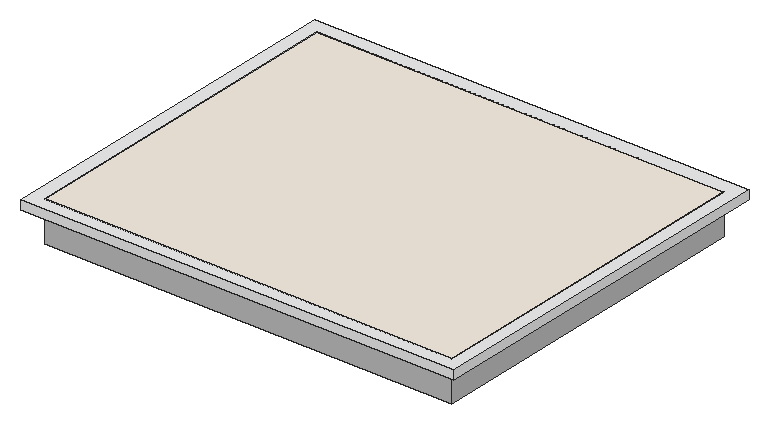
Revit family "Lighting-Industrial-GEWISS-ELIA-HL-LED_HIGHBAY", category Apparecchi per illuminazione, host Superficie, Revit 2019 (continued)
Types (12, lengths in mm): name | Weight (kg): | Weight (kg) | Voltage | Technical sheet | System power | Optic | built-in parameter 1150142 | Lumen output (lm) | Model | IDT | File diagramma fotometrico | Description
  GWF1000ML840 - ELIA HL M2 90° 4000K S.ALONE ON/OFF | "3,9" | "3,9" | "100-240 V " | "https://www.gewiss.com/ww/en/search?q=GWF1100VC877" | "120W" | "90°" | "IESNA:LM-63-1995\r\n[TEST] HB25-120-4080-90D-H00108\r\n[DATE] 27 Nov 2019\r\n[MANUFAC] GEWISS\r\n[LUMCAT] GWF1000ML840\r\n[LUMINAIRE] ELIA HL - M2 90° LED840 120W\r\n[FLASHAREA] 0.013851\r\n[LAMPCAT] LED 120W/16100lm\r\n[LAMP] LED 120W/16100lm\r\nTILT=NONE\r\n1 16100.00 1.0 181 37 1 2 -0.270 0.000 0.000\r\n1.00 1.00 120.00\r\n0.00 0.50 1.00 1.50 2.00 2.50 3.00 3.50 4.00 4.50 5.00 \r\n5.50 6.00 6.50 7.00 7.50 8.00 8.50 9.00 9.50 10.00 10.50 \r\n11.00 11.50 12.00 12.50 13.00 13.50 14.00 14.50 15.00 \r\n15.50 16.00 16.50 17.00 17.50 18.00 18.50 19.00 19.50 \r\n20.00 20.50 21.00 21.50 22.00 22.50 23.00 23.50 24.00 \r\n24.50 25.00 25.50 26.00 26.50 27.00 27.50 28.00 28.50 \r\n29.00 29.50 30.00 30.50 31.00 31.50 32.00 32.50 33.00 \r\n33.50 34.00 34.50 35.00 35.50 36.00 36.50 37.00 37.50 \r\n38.00 38.50 39.00 39.50 40.00 40.50 41.00 41.50 42.00 \r\n42.50 43.00 43.50 44.00 44.50 45.00 45.50 46.00 46.50 \r\n47.00 47.50 48.00 48.50 49.00 49.50 50.00 50.50 51.00 \r\n51.50 52.00 52.50 53.00 53.50 54.00 54.50 55.00 55.50 \r\n56.00 56.50 57.00 57.50 58.00 58.50 59.00 59.50 60.00 \r\n60.50 61.00 61.50 62.00 62.50 63.00 63.50 64.00 64.50 \r\n65.00 65.50 66.00 66.50 67.00 67.50 68.00 68.50 69.00 \r\n69.50 70.00 70.50 71.00 71.50 72.00 72.50 73.00 73.50 \r\n74.00 74.50 75.00 75.50 76.00 76.50 77.00 77.50 78.00 \r\n78.50 79.00 79.50 80.00 80.50 81.00 81.50 82.00 82.50 \r\n83.00 83.50 84.00 84.50 85.00 85.50 86.00 86.50 87.00 \r\n87.50 88.00 88.50 89.00 89.50 90.00 \r\n0.00 2.50 5.00 7.50 10.00 12.50 15.00 17.50 20.00 22.50 \r\n25.00 27.50 30.00 32.50 35.00 37.50 40.00 42.50 45.00 \r\n47.50 50.00 52.50 55.00 57.50 60.00 62.50 65.00 67.50 \r\n70.00 72.50 75.00 77.50 80.00 82.50 85.00 87.50 90.00 \r\n8062.88 8062.88 8064.49 8067.71 8069.32 8072.54 8077.37 \r\n8080.59 8085.42 8091.86 8099.91 8106.35 8114.40 8122.45 \r\n8130.50 8138.55 8146.60 8156.26 8165.92 8175.58 8185.24 \r\n8193.29 8202.95 8211.00 8220.66 8227.10 8235.15 8241.59 \r\n8248.03 8251.25 8256.08 8257.69 8257.69 8257.69 8256.08 \r\n8252.86 8246.42 8238.37 8228.71 8219.05 8206.17 8191.68 \r\n8173.97 8154.65 8132.11 8107.96 8082.20 8054.83 8024.24 \r\n7990.43 7955.01 7916.37 7874.51 7829.43 7781.13 7728.00 \r\n7670.04 7607.25 7538.02 7460.74 7380.24 7291.69 7199.92 \r\n7100.10 6998.67 6895.63 6787.76 6671.84 6544.65 6407.80 \r\n6258.07 6092.24 5919.97 5758.97 5597.97 5435.36 5274.36 \r\n5124.63 4978.12 4834.83 4691.54 4545.03 4400.13 4266.50 \r\n4139.31 4015.34 3894.59 3781.89 3670.80 3556.49 3442.18 \r\n3334.31 3229.66 3129.84 3031.63 2936.64 2844.87 2753.10 \r\n2662.94 2577.61 2495.50 2411.78 2331.28 2254.00 2179.94 \r\n2107.49 2036.65 1967.42 1896.58 1824.13 1751.68 1679.23 \r\n1609.20 1540.13 1473.63 1411.81 1352.24 1292.83 1236.48 \r\n1186.73 1140.85 1096.73 1055.03 1016.72 979.52 941.69 \r\n903.85 866.34 828.99 791.48 754.29 718.06 683.12 650.28 \r\n619.53 591.03 563.82 536.45 510.21 486.54 464.97 445.97 \r\n427.29 405.40 383.34 362.89 343.25 323.93 304.93 286.26 \r\n268.39 251.80 236.51 222.99 210.91 200.61 190.46 177.91 \r\n165.19 153.47 141.94 130.15 118.66 108.06 97.92 87.91 \r\n78.21 68.94 60.10 51.78 43.99 36.87 30.28 24.13 18.52 \r\n13.39 9.08 5.94 3.87 2.84 2.86 \r\n8062.88 8062.88 8064.49 8066.90 8069.32 8072.54 8077.37 \r\n8080.59 8085.42 8091.86 8099.91 8106.35 8114.40 8122.45 \r\n8130.50 8138.55 8147.40 8157.06 8166.72 8175.58 8185.24 \r\n8194.09 8203.75 8211.80 8220.66 8227.90 8235.95 8242.39 \r\n8248.03 8252.86 8256.08 8257.69 8259.30 8258.49 8256.88 \r\n8252.86 8248.03 8240.78 8231.12 8219.85 8206.97 8192.48 \r\n8174.77 8155.45 8133.72 8109.57 8083.81 8056.44 8025.85 \r\n7992.84 7957.42 7917.98 7876.12 7831.04 7781.93 7728.80 \r\n7671.65 7608.05 7539.63 7463.96 7382.65 7295.71 7203.14 \r\n7104.93 7002.69 6899.65 6790.17 6673.45 6547.06 6409.41 \r\n6261.29 6096.26 5926.41 5764.60 5604.41 5440.99 5279.99 \r\n5127.04 4978.92 4834.83 4692.34 4545.83 4403.35 4270.52 \r\n4144.14 4020.17 3900.22 3785.11 3670.80 3556.49 3442.99 \r\n3335.92 3232.08 3130.64 3033.24 2938.25 2846.48 2753.91 \r\n2665.36 2579.22 2495.50 2412.59 2332.89 2255.61 2180.74 \r\n2109.10 2038.26 1967.42 1898.19 1825.74 1752.49 1682.45 \r\n1611.61 1543.10 1476.77 1414.71 1355.30 1296.29 1240.51 \r\n1190.76 1144.71 1100.60 1059.06 1020.50 983.15 945.39 \r\n907.72 870.12 832.61 795.42 758.71 722.25 687.15 654.30 \r\n623.47 594.65 567.04 539.27 512.79 488.72 466.66 447.26 \r\n428.10 406.28 384.23 363.78 344.06 324.74 305.82 287.14 \r\n269.19 252.53 237.23 223.87 211.80 201.33 190.87 178.31 \r\n165.51 153.47 141.73 129.88 118.41 107.81 97.69 87.75 \r\n78.16 68.99 60.23 51.90 44.10 36.94 30.33 24.18 18.56 \r\n13.43 9.10 5.96 3.88 2.85 2.87 \r\n8062.88 8062.88 8064.49 8066.90 8069.32 8072.54 8076.56 \r\n8080.59 8086.22 8091.86 8099.91 8106.35 8114.40 8121.64 \r\n8129.69 8139.35 8147.40 8157.06 8166.72 8176.38 8185.24 \r\n8194.90 8203.75 8212.61 8221.46 8228.71 8236.76 8243.20 \r\n8248.83 8253.66 8256.88 8258.49 8260.10 8259.30 8257.69 \r\n8254.47 8248.83 8242.39 8232.73 8221.46 8209.39 8194.09 \r\n8176.38 8157.06 8135.33 8111.18 8085.42 8058.05 8028.26 \r\n7994.45 7958.23 7919.59 7878.53 7832.65 7784.35 7732.02 \r\n7673.26 7610.47 7542.04 7467.18 7385.87 7299.74 7207.16 \r\n7108.95 7006.72 6902.87 6793.39 6675.06 6548.67 6412.63 \r\n6266.12 6101.90 5932.85 5771.85 5612.46 5447.43 5285.63 \r\n5130.26 4979.73 4834.02 4691.54 4545.83 4404.15 4273.74 \r\n4147.36 4023.39 3903.44 3786.72 3671.61 3556.49 3443.79 \r\n3337.53 3233.69 3132.26 3033.24 2939.06 2847.29 2754.71 \r\n2665.36 2579.22 2495.50 2414.20 2334.50 2256.42 2181.55 \r\n2109.10 2039.07 1969.03 1898.19 1826.55 1754.90 1684.06 \r\n1614.83 1546.00 1479.83 1417.77 1358.36 1299.75 1244.37 \r\n1194.70 1148.49 1104.54 1063.00 1024.20 986.69 949.18 \r\n911.58 873.75 836.15 799.20 762.74 726.35 691.09 658.25 \r\n627.18 598.20 570.26 542.17 515.28 490.89 468.35 448.39 \r\n428.90 407.09 385.27 364.67 344.86 325.54 306.71 287.87 \r\n269.92 253.25 237.96 224.51 212.52 201.81 191.11 178.55 \r\n165.59 153.35 141.39 129.51 118.07 107.49 97.40 87.54 \r\n78.04 68.96 60.29 51.95 44.13 36.96 30.33 24.19 18.59 \r\n13.44 9.11 5.97 3.89 2.85 2.86 \r\n8062.88 8062.88 8064.49 8066.90 8070.12 8073.34 8076.56 \r\n8081.39 8086.22 8092.66 8099.10 8106.35 8114.40 8122.45 \r\n8130.50 8139.35 8147.40 8157.06 8166.72 8176.38 8186.04 \r\n8194.90 8204.56 8212.61 8222.27 8230.32 8237.56 8244.00 \r\n8248.83 8253.66 8257.69 8259.30 8260.91 8260.10 8259.30 \r\n8256.08 8250.44 8242.39 8234.34 8223.88 8211.00 8195.70 \r\n8178.80 8159.48 8137.74 8113.59 8088.64 8060.46 8029.87 \r\n7996.87 7961.45 7922.00 7880.95 7835.06 7785.96 7733.63 \r\n7676.48 7612.88 7544.46 7470.40 7389.90 7304.57 7211.99 \r\n7114.59 7011.55 6906.90 6796.61 6678.28 6551.89 6416.65 \r\n6270.14 6107.53 5940.90 5779.90 5619.70 5453.87 5290.46 \r\n5133.48 4981.34 4834.83 4690.73 4546.64 4405.76 4275.35 \r\n4149.77 4026.61 3905.86 3787.53 3670.80 3555.69 3444.60 \r\n3339.14 3236.10 3133.87 3034.85 2939.86 2848.09 2756.32 \r\n2665.36 2580.03 2496.31 2414.20 2335.31 2258.03 2183.16 \r\n2110.71 2038.26 1968.23 1898.19 1826.55 1755.71 1684.87 \r\n1616.44 1548.66 1482.89 1420.91 1361.26 1303.05 1247.99 \r\n1198.32 1152.12 1108.24 1066.79 1027.74 990.07 952.56 \r\n915.12 877.13 839.45 802.83 766.52 730.22 694.88 662.03 \r\n630.96 601.58 573.24 544.90 517.62 492.74 469.80 449.35 \r\n429.47 407.81 386.16 365.55 345.51 326.19 307.35 288.67 \r\n270.64 253.90 238.60 225.16 213.08 202.14 191.19 178.55 \r\n165.59 153.13 140.97 129.07 117.67 107.11 97.06 87.29 \r\n77.89 68.90 60.28 51.96 44.13 36.94 30.31 24.17 18.57 \r\n13.44 9.12 5.97 3.89 2.84 2.85 \r\n8062.88 8063.68 8064.49 8066.90 8070.12 8073.34 8076.56 \r\n8081.39 8086.22 8092.66 8099.10 8106.35 8114.40 8122.45 \r\n8130.50 8139.35 8147.40 8157.06 8166.72 8176.38 8186.04 \r\n8194.90 8204.56 8214.22 8222.27 8231.12 8237.56 8244.00 \r\n8250.44 8254.47 8257.69 8260.91 8261.71 8260.91 8260.10 \r\n8256.88 8251.25 8244.81 8235.95 8225.49 8212.61 8197.31 \r\n8180.41 8160.28 8139.35 8116.01 8091.05 8062.88 8032.29 \r\n7999.28 7963.86 7925.22 7883.36 7838.28 7789.98 7736.85 \r\n7679.70 7616.10 7548.48 7474.42 7394.73 7309.40 7217.63 \r\n7119.42 7017.18 6911.73 6800.64 6682.30 6555.11 6419.87 \r\n6275.78 6114.78 5948.95 5787.95 5626.95 5461.12 5296.90 \r\n5137.51 4982.95 4834.83 4690.73 4546.64 4406.57 4276.96 \r\n4150.58 4028.22 3907.47 3787.53 3670.00 3556.49 3445.40 \r\n3340.75 3237.71 3135.48 3035.66 2940.67 2848.09 2756.32 \r\n2666.16 2579.22 2495.50 2414.20 2335.31 2258.83 2183.97 \r\n2110.71 2039.07 1969.03 1898.19 1826.55 1755.71 1686.48 \r\n1618.86 1551.15 1485.87 1423.72 1363.99 1305.95 1251.29 \r\n1201.62 1155.42 1111.54 1070.17 1030.88 992.97 955.54 \r\n918.18 880.19 842.43 805.81 769.82 733.52 698.34 665.41 \r\n634.18 604.64 575.98 547.32 519.87 494.51 471.01 450.00 \r\n429.79 408.46 387.12 366.28 346.07 326.75 307.99 289.24 \r\n271.12 254.38 239.09 225.72 213.57 202.38 191.11 178.39 \r\n165.43 152.81 140.50 128.57 117.21 106.69 96.70 87.01 \r\n77.71 68.79 60.24 51.93 44.08 36.89 30.26 24.13 18.54 \r\n13.42 9.11 5.97 3.88 2.84 2.84 \r\n8062.88 8063.68 8064.49 8066.90 8069.32 8072.54 8076.56 \r\n8081.39 8086.22 8092.66 8099.10 8106.35 8114.40 8122.45 \r\n8131.30 8139.35 8148.21 8157.06 8166.72 8176.38 8186.04 \r\n8195.70 8204.56 8214.22 8223.07 8231.12 8239.17 8245.61 \r\n8250.44 8256.08 8259.30 8261.71 8262.52 8262.52 8260.91 \r\n8257.69 8253.66 8246.42 8237.56 8227.10 8214.22 8198.92 \r\n8182.02 8163.50 8141.77 8118.42 8092.66 8065.29 8034.70 \r\n8002.50 7967.08 7928.44 7886.58 7841.50 7793.20 7740.07 \r\n7682.11 7620.13 7551.70 7478.45 7398.75 7314.23 7223.26 \r\n7125.86 7023.62 6917.36 6805.47 6687.13 6560.75 6426.31 \r\n6282.22 6122.02 5957.00 5796.00 5634.19 5468.36 5303.34 \r\n5142.34 4985.36 4835.63 4689.93 4546.64 4408.18 4277.77 \r\n4151.38 4028.22 3907.47 3786.72 3669.19 3555.69 3446.21 \r\n3341.56 3240.13 3137.09 3036.46 2941.47 2848.09 2757.13 \r\n2666.16 2579.22 2495.50 2414.20 2336.11 2259.64 2184.77 \r\n2111.52 2039.07 1968.23 1899.00 1826.55 1755.71 1687.28 \r\n1619.66 1553.41 1488.61 1426.22 1366.33 1308.53 1254.03 \r\n1204.36 1158.07 1114.28 1072.98 1033.54 995.46 957.95 \r\n920.68 882.60 844.85 808.38 772.48 736.33 701.24 668.31 \r\n637.00 607.13 578.23 549.33 521.64 495.88 471.97 450.40 \r\n429.95 408.78 387.69 366.76 346.39 327.07 308.40 289.56 \r\n271.61 254.78 239.49 226.12 213.81 202.30 190.87 178.15 \r\n165.19 152.42 139.97 128.05 116.74 106.27 96.33 86.72 \r\n77.51 68.67 60.16 51.87 44.03 36.83 30.20 24.07 18.50 \r\n13.40 9.10 5.97 3.87 2.83 2.82 \r\n8062.88 8063.68 8064.49 8066.90 8069.32 8072.54 8076.56 \r\n8081.39 8087.03 8092.66 8099.10 8107.15 8114.40 8122.45 \r\n8131.30 8139.35 8148.21 8157.87 8167.53 8176.38 8186.04 \r\n8195.70 8205.36 8215.02 8223.88 8231.93 8239.17 8245.61 \r\n8252.05 8256.88 8260.10 8262.52 8263.32 8263.32 8262.52 \r\n8259.30 8254.47 8248.03 8239.17 8228.71 8215.83 8201.34 \r\n8184.43 8165.11 8144.18 8120.84 8095.08 8067.71 8037.92 \r\n8005.72 7969.50 7931.66 7889.80 7844.72 7796.42 7743.29 \r\n7686.14 7624.15 7556.53 7482.47 7403.58 7319.06 7228.90 \r\n7133.10 7031.67 6924.61 6811.91 6693.57 6566.38 6432.75 \r\n6288.66 6130.88 5967.46 5804.85 5643.05 5476.41 5309.78 \r\n5147.97 4990.19 4837.24 4689.93 4547.44 4409.79 4279.38 \r\n4152.19 4029.02 3907.47 3786.72 3667.58 3555.69 3447.01 \r\n3343.17 3241.74 3138.70 3036.46 2941.47 2848.89 2756.32 \r\n2666.16 2578.42 2494.70 2415.00 2336.92 2260.44 2185.58 \r\n2111.52 2039.07 1968.23 1898.19 1827.35 1756.51 1688.09 \r\n1620.47 1555.18 1490.94 1428.47 1368.26 1310.54 1256.12 \r\n1206.37 1160.01 1116.45 1075.08 1035.47 997.15 959.64 \r\n922.37 884.29 846.46 810.15 774.41 738.43 703.41 670.48 \r\n639.09 608.98 579.84 550.78 522.85 496.69 472.37 450.40 \r\n429.71 408.78 388.09 367.00 346.31 327.15 308.48 289.80 \r\n271.77 255.10 239.65 226.21 213.81 202.14 190.38 177.74 \r\n164.78 151.95 139.43 127.54 116.27 105.84 95.96 86.43 \r\n77.30 68.51 60.07 51.80 43.95 36.77 30.14 24.02 18.45 \r\n13.36 9.09 5.96 3.86 2.81 2.81 \r\n8062.88 8063.68 8064.49 8066.90 8069.32 8072.54 8076.56 \r\n8081.39 8087.03 8093.47 8099.91 8106.35 8114.40 8121.64 \r\n8130.50 8139.35 8148.21 8157.06 8166.72 8176.38 8186.04 \r\n8195.70 8204.56 8214.22 8223.88 8231.93 8239.17 8245.61 \r\n8252.05 8256.88 8260.10 8262.52 8264.13 8264.13 8262.52 \r\n8260.10 8255.27 8248.83 8240.78 8230.32 8218.24 8202.95 \r\n8186.04 8167.53 8146.60 8123.25 8098.30 8070.12 8040.34 \r\n8008.14 7973.52 7934.88 7893.02 7848.75 7799.64 7747.32 \r\n7690.16 7628.18 7561.36 7488.11 7410.02 7326.30 7236.14 \r\n7140.35 7038.92 6932.66 6820.76 6701.62 6576.04 6442.41 \r\n6299.12 6140.54 5976.32 5814.51 5650.29 5483.66 5317.83 \r\n5156.83 4997.44 4843.68 4693.95 4550.66 4412.20 4280.18 \r\n4152.19 4028.22 3905.86 3785.11 3665.97 3554.88 3447.82 \r\n3343.97 3241.74 3138.70 3038.07 2942.28 2849.70 2757.93 \r\n2667.77 2580.83 2496.31 2416.61 2338.53 2262.05 2187.18 \r\n2113.13 2040.68 1969.84 1899.80 1828.16 1756.51 1688.89 \r\n1622.08 1556.47 1492.23 1429.44 1368.82 1310.94 1256.36 \r\n1206.29 1159.60 1115.89 1074.43 1034.59 996.19 958.67 \r\n921.48 883.41 845.65 809.19 773.44 737.54 702.68 669.68 \r\n637.96 607.94 578.88 549.98 522.04 495.80 471.25 449.19 \r\n428.34 407.65 387.12 366.03 345.26 326.11 307.67 289.16 \r\n271.37 254.70 239.25 225.72 213.16 201.41 189.58 176.94 \r\n164.06 151.39 139.02 127.21 115.98 105.56 95.70 86.24 \r\n77.18 68.47 60.04 51.83 44.01 36.84 30.20 24.05 18.45 \r\n13.36 9.09 5.96 3.86 2.81 2.80 \r\n8062.88 8062.88 8064.49 8066.90 8069.32 8072.54 8076.56 \r\n8081.39 8087.03 8092.66 8099.10 8106.35 8113.59 8122.45 \r\n8129.69 8138.55 8148.21 8157.06 8166.72 8175.58 8185.24 \r\n8194.90 8204.56 8214.22 8222.27 8231.12 8238.37 8244.81 \r\n8251.25 8256.88 8260.10 8262.52 8264.13 8264.13 8262.52 \r\n8260.10 8256.08 8249.64 8242.39 8231.93 8219.05 8205.36 \r\n8188.46 8169.14 8148.21 8125.67 8100.71 8073.34 8043.56 \r\n8012.16 7975.94 7938.10 7897.05 7851.97 7803.67 7751.34 \r\n7694.19 7633.01 7566.19 7493.74 7416.46 7332.74 7243.39 \r\n7148.40 7047.77 6942.32 6830.42 6712.09 6586.51 6452.88 \r\n6309.59 6151.00 5986.78 5823.37 5659.15 5492.51 5326.68 \r\n5165.68 5007.10 4850.93 4699.59 4553.88 4414.62 4280.99 \r\n4152.99 4027.41 3905.05 3782.70 3665.17 3553.27 3447.01 \r\n3343.17 3242.54 3139.50 3038.88 2942.28 2849.70 2757.93 \r\n2669.38 2582.44 2498.72 2417.42 2339.33 2263.66 2189.60 \r\n2115.54 2042.29 1970.64 1901.41 1828.96 1757.32 1689.70 \r\n1622.88 1557.27 1493.03 1429.92 1368.82 1310.70 1255.96 \r\n1205.49 1158.40 1114.52 1072.90 1033.06 994.50 956.98 \r\n919.79 881.80 844.04 807.50 771.67 736.01 701.24 667.99 \r\n636.19 606.17 577.19 548.61 520.84 494.35 469.56 447.50 \r\n426.73 406.28 385.92 364.75 343.98 325.06 306.71 288.35 \r\n270.64 254.14 238.76 225.00 212.36 200.44 188.61 175.97 \r\n163.25 150.79 138.64 126.91 115.73 105.31 95.46 86.07 \r\n77.08 68.40 60.02 51.83 44.07 36.92 30.28 24.09 18.45 \r\n13.36 9.09 5.95 3.86 2.81 2.80 \r\n8062.88 8062.88 8064.49 8066.90 8069.32 8072.54 8076.56 \r\n8081.39 8086.22 8092.66 8098.30 8106.35 8113.59 8121.64 \r\n8129.69 8137.74 8147.40 8157.06 8166.72 8175.58 8185.24 \r\n8194.90 8204.56 8213.41 8222.27 8230.32 8238.37 8244.81 \r\n8251.25 8256.08 8260.10 8262.52 8264.13 8264.13 8264.13 \r\n8261.71 8256.88 8251.25 8243.20 8232.73 8221.46 8206.97 \r\n8190.07 8171.55 8150.62 8128.89 8103.93 8076.56 8047.58 \r\n8014.58 7979.96 7942.13 7901.07 7856.80 7808.50 7756.17 \r\n7699.82 7637.84 7571.83 7500.18 7422.90 7339.99 7250.63 \r\n7156.45 7056.63 6951.98 6840.08 6722.55 6597.78 6464.95 \r\n6321.66 6163.88 5998.05 5833.83 5668.81 5502.17 5337.15 \r\n5175.34 5016.76 4858.98 4706.03 4558.71 4417.84 4283.40 \r\n4152.99 4026.61 3902.64 3781.09 3662.75 3552.47 3446.21 \r\n3343.17 3241.74 3140.31 3038.88 2943.08 2849.70 2758.74 \r\n2670.18 2583.24 2500.33 2418.22 2340.14 2264.47 2190.41 \r\n2117.15 2043.90 1972.25 1902.22 1829.77 1758.12 1689.70 \r\n1622.88 1557.51 1493.28 1429.84 1368.42 1309.98 1254.91 \r\n1204.12 1156.62 1112.51 1070.73 1030.80 992.24 954.65 \r\n917.54 879.54 841.87 805.24 769.34 733.92 699.30 665.90 \r\n633.86 603.83 575.09 546.68 519.14 492.58 467.62 445.65 \r\n424.96 404.51 384.39 363.30 342.53 323.69 305.42 287.30 \r\n269.92 253.49 238.04 224.19 211.47 199.40 187.57 175.01 \r\n1
